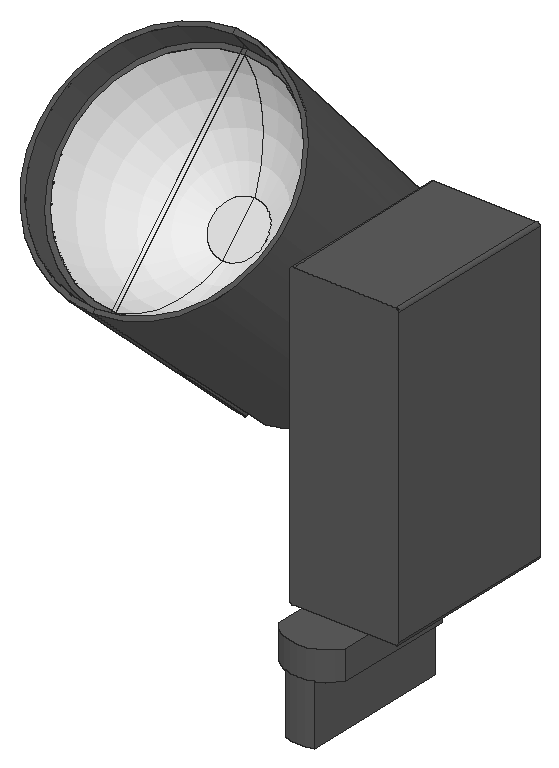
Revit family "0004954 Feilo Sylvania Lighting Fixture START TRACK SPOT L DALI 4824LM 940 WB BLK", category Lighting Fixtures, host Face, Revit 2017 (continued)
Definition of nested family "Start Track Spot Head"
  Types (96, lengths in mm): name | Wattage | built-in parameter 1150134 | Photometric Web File | Model | built-in parameter 1150105 | Lumens | built-in parameter 1150107 | built-in parameter 1150106 | HeadThickness_FEILO | HeadRibOffset_FEILO | HeadRibDepth_FEILO | HeadRibCutWidth_FEILO | HeadRibCutOffset_FEILO | HeadReflectorRadius_FEILO | HeadReflectorOffset_FEILO | HeadLEDRadius_FEILO | HeadHeight_FEILO | HeadDiffusorOffset_FEILO | HeadDiaOut_FEILO | HeadDiaIn_FEILO | HeadAxisFromTop_FEILO | Emit from Circle Diameter | built-in parameter 1150104 | Description | Apparent Load
    0004812 START TRACK SPOT S 14W 3K RA80 MB WHITE | 14 W | (empty or 0) | "0004812.ies" | "START TRACK SPOT S 14W 3K RA80 MB WHITE" | 120.32 (stored number, unit not read) | 1512 lm | 3000 (stored number, unit not read) | 1.2032 (stored number, unit not read) | 1.5 | 4.179 | 55.714 | 7.167 | 50.87 | 50.588 | 55.714 | 9.556 | 117 | 9.435 | 86 | 77.477 | 69.354 | 77.477 | 10.034 (stored number, unit not read) | "Integrated LED spotlight, Textured White - RAL9016, compact and minimalist design, ideal for retail applications, die-cast aluminium body, passive cooling heatsink. Beam angle: 36°, color temperature: 3000K , total system power: 14W, total fixture output: 1508 lm, LOR: 100%, colour rendering: Ra: 80 typical, LED Chromaticity: 3 step MacAdam ellipse, lifetime: >50000 hours at L70B50, energy class: A++, A+, A, IR/UV free light source without heat radiation, operating voltage: 220-240V / 50-60Hz, drive current: 350mA, electronic driver, non-dimmable, power factor: 0.92, electrical protection: Class II, Global Track 3 Phase adapter suitable for Global trac 3-circuit tracks, ingress protection rating: IP20, suitable for internal environment only, horizontal rotation: 355°, vertical tilt: 90°, dimensions: Ø86x140x200, weight: 0.940kg." | 14 VA
    0004811 START TRACK SPOT S 14W 3K RA80 NB WHITE | 14 W | (empty or 0) | "0004811.ies" | "START TRACK SPOT S 14W 3K RA80 NB WHITE" | 123.66 (stored number, unit not read) | 1554 lm | 3000 (stored number, unit not read) | 1.2366 (stored number, unit not read) | 1.5 | 4.179 | 55.714 | 7.167 | 50.87 | 50.588 | 55.714 | 9.556 | 117 | 9.435 | 86 | 77.477 | 69.354 | 77.477 | 10.312 (stored number, unit not read) | "Integrated LED spotlight, Textured White - RAL9016, compact and minimalist design, ideal for retail applications, die-cast aluminium body, passive cooling heatsink. Beam angle: 12°, color temperature: 3000K , total system power: 14W, total fixture output: 1551 lm, LOR: 100%, colour rendering: Ra: 80 typical, LED Chromaticity: 3 step MacAdam ellipse, lifetime: >50000 hours at L70B50, energy class: A++, A+, A, IR/UV free light source without heat radiation, operating voltage: 220-240V / 50-60Hz, drive current: 350mA, electronic driver, non-dimmable, power factor: 0.92, electrical protection: Class II, Global Track 3 Phase adapter suitable for Global trac 3-circuit tracks, ingress protection rating: IP20, suitable for internal environment only, horizontal rotation: 355°, vertical tilt: 90°, dimensions: Ø86x140x200, weight: 0.940kg." | 14 VA
  Reference planes
    plane 1 "Center (Front/Back)": y = 0
    plane 2: z = 0
    plane 3 "Center (Left/Right)": x = 0
    plane 4: x = 43
    plane 5: x = -43
    plane 6: x = -38.739
    plane 7: x = 38.739
    plane 8: z = 69.354
    plane 9: z = -47.646
    plane 10: x = -41.5
    plane 11: x = -37.239
    plane 12: z = -38.211
    plane 13: z = -35.211
    plane 14: z = 8.068
    plane 15: x = -9.556
    plane 16: x = -28.667
    plane 17: x = -19.111
    plane 18: x = -27.167
    plane 19: x = -17.611
    plane 20: x = -8.056
    plane 21: z = 13.64
    plane 22: x = -29.667
    plane 23: x = -26.167
    plane 24: x = -20.111
    plane 25: x = -16.611
    plane 26: x = -10.556
    plane 27: x = -7.056
    plane 28: x = -36.239
    plane 29: x = -40.5
    plane 30: z = 65.175
    plane 31: z = 60.997
    plane 32: z = 56.818
    plane 33: z = 18.484
    plane 34: y = -43
    plane 35: y = 43
    plane 36: y = 3.583
    plane 37: y = -3.583
    plane 38: y = -2.583
    plane 39: y = 2.583
    plane 40: y = 46
    plane 41: z = 13.5
    plane 42: z = -13.5
    plane 43: y = 39
    plane 44: x = 4.708
    plane 45: x = -2.458
    plane 46: x = -1.458
    plane 47: x = 1.458
  Forms (mm)
    Extrusion 1, solid
      sketch origin (4.2, 0, 0) x (1, 0, 0) y (0, 1, 0)
        loop
          line (-1219.2, 1219.2) -> (-1219.2, -1219.2) -> (1219.2, -1219.2) -> (1219.2, 1219.2) -> (-1219.2, 1219.2)
      from 0 to -68.017
    Revolve 2, solid, material <- "Material_1_FEILO", detail levels medium+fine
      sketch origin (0, 0, 0) x (1, 0, 0) y (0, 0, 1)
        loop
          line (-43, -47.646) -> (-41.5, -47.646) -> (-40.5, -35.211) -> (-38.739, -35.211)
          arc (-38.739, -35.211) -> (-30.16, -9.517) -> (-9.556, 8.068) r 50.588
          line (-9.556, 8.068) -> (0, 8.068) -> (0, 13.64) -> (-16.611, 13.64) -> (-17.611, 60.997) -> (-19.111, 60.997) -> (-20.111, 13.64) -> (-36.239, 13.64) -> (-37.239, 69.354) -> (-38.739, 69.354) -> (-43, -47.646)
        axis (0, 69.354) -> (0, -47.646)
      angle from 360 to 0
    Extrusion 3, void
      sketch origin (0, 0, 0) x (0, 1, 0) y (0, 0, 1)
        loop
          line (-3.583, 69.354) -> (-2.583, 18.484) -> (1.932, 18.484) -> (2.932, 69.354) -> (-3.583, 69.354)
      from 43 to -43
    Revolve 4, solid, material <- "Material_2_FEILO", detail levels medium+fine
      sketch origin (0, 0, 0) x (1, 0, 0) y (0, 0, 1)
        loop
          line (-41.5, -38.211) -> (0, -38.211) -> (0, -35.211) -> (-41.5, -35.211) -> (-41.5, -38.211)
        axis (0, -35.211) -> (0, -38.211)
      angle from 360 to 0
    Revolve 5, solid, material <- "Material_1_FEILO"
      sketch origin (0, 0, 0) x (0, 1, 0) y (0, 0, 1)
        loop
          line (46, 0) -> (39, 0) -> (39, -13.5) -> (46, -13.5) -> (46, 0)
        axis (39, 0) -> (46, 0)
      angle from 360 to 0
    Revolve 6, solid, material <- "Material_1_FEILO", detail levels medium+fine
      sketch origin (0, 0, 0) x (1, 0, 0) y (0, 0, 1)
        loop
          line (-29.667, 13.64) -> (-26.167, 13.64) -> (-27.167, 65.175) -> (-28.667, 65.175) -> (-29.667, 13.64)
        loop
          line (-10.556, 13.64) -> (-7.056, 13.64) -> (-7.833, 56.818) -> (-9.778, 56.818) -> (-10.556, 13.64)
        axis (0, 65.175) -> (0, 13.64)
      angle from 360 to 0
    Extrusion 7, void
      sketch origin (0, 0, 0) x (1, 0, 0) y (0, 0, 1)
        loop
          line (4.708, 69.354) -> (-2.458, 69.354) -> (-1.458, 13.64) -> (1.458, 13.64) -> (4.708, 69.354)
      from -43 to 43
    Revolve 8, solid, material <- "Material_1_FEILO", detail levels coarse
      sketch origin (0, 0, 0) x (1, 0, 0) y (0, 0, 1)
        loop
          line (0, 69.354) -> (-38.739, 69.354) -> (-43, -47.646) -> (-41.5, -47.646) -> (-40.731, -38.211) -> (0, -38.211) -> (0, 69.354)
        axis (0, 69.354) -> (0, -47.646)
      angle from 360 to 0
  Cuts and joins
    Extrusion 3 cuts Revolve 2
    Extrusion 7 cuts Revolve 6
  Dimensions and locks
    equal spacing: plane 7, plane 3 "Center (Left/Right)", plane 6
    equal spacing: plane 4, plane 3 "Center (Left/Right)", plane 5
    "HeadDiaOut_FEILO": plane 4 to plane 5
    "HeadDiaIn_FEILO": plane 7 to plane 6
    "HeadHeight_FEILO": plane 8 to plane 9
    "HeadThickness_FEILO": plane 10 to plane 5
    "HeadThickness_FEILO": plane 11 to plane 6
    "HeadDiffusorOffset_FEILO": plane 12 to plane 9
    "HeadDiffusorThickness_FEILO": plane 13 to plane 12
    "HeadReflectorOffset_FEILO": plane 14 to plane 9
    "HeadLEDRadius_FEILO": plane 3 "Center (Left/Right)" to plane 15
    "HeadLEDRadius_FEILO": plane 15 to plane 17
    "HeadLEDRadius_FEILO": plane 17 to plane 16
    "HeadThickness_FEILO": plane 18 to plane 16
    "HeadThickness_FEILO": plane 19 to plane 17
    "HeadThickness_FEILO": plane 20 to plane 15
    "HeadRibDepth_FEILO": plane 8 to plane 21
    "HeadDraft_FEILO": plane 16 to plane 22
    "HeadDraft_FEILO": plane 23 to plane 18
    "HeadDraft_FEILO": plane 17 to plane 24
    "HeadDraft_FEILO": plane 25 to plane 19
    "HeadDraft_FEILO": plane 15 to plane 26
    "HeadDraft_FEILO": plane 27 to plane 20
    "HeadDraft_FEILO": plane 29 to plane 10
    "HeadDraft_FEILO": plane 28 to plane 11
    "HeadRibOffset_FEILO": plane 8 to plane 30
    "HeadRibOffset_FEILO": plane 30 to plane 31
    "HeadRibOffset_FEILO": plane 31 to plane 32
    "HeadAxisFromTop_FEILO": plane 8 to plane 2
    "HeadRibCutOffset_FEILO": plane 8 to plane 33
    equal spacing: plane 34, plane 1 "Center (Front/Back)", plane 35
    "HeadDiaOut_FEILO": plane 34 to plane 35
    equal spacing: plane 38, plane 1 "Center (Front/Back)", plane 39
    equal spacing: plane 37, plane 1 "Center (Front/Back)", plane 36
    "HeadRibCutWidth_FEILO": plane 37 to plane 36
    "HeadDraft_FEILO": plane 37 to plane 38
    locked: plane 35 to plane 40 at 3
    equal spacing: plane 41, plane 2, plane 42
    locked: plane 42 to plane 41 at 27
    locked: plane 43 to plane 35 at 4
    equal spacing: plane 45, imposter light, plane 44
    "HeadDraft_FEILO": plane 46 to plane 45
    "HeadRibCutWidth_FEILO": plane 44 to plane 45
    equal spacing: plane 47, plane 3 "Center (Left/Right)", plane 46
    "HeadReflectorRadius_FEILO": radius of Revolve 2 sketch curve
    aligned and locked: plane 2 to Extrusion 1
    aligned and locked: level to Extrusion 1
    aligned and locked: Revolve 2 sketch curve to plane 3 "Center (Left/Right)"  (x2)
    aligned and locked: plane 9 to Revolve 2 sketch curve  (x2)
    aligned and locked: plane 5 to Revolve 2 sketch curve
    aligned and locked: plane 10 to Revolve 2 sketch curve
    aligned and locked: plane 14 to Revolve 2 sketch curve
    aligned and locked: plane 8 to Revolve 2 sketch curve
    aligned and locked: Revolve 2 sketch curve to plane 13
    aligned and locked: plane 12 to Revolve 4 sketch curve
    aligned and locked: plane 3 "Center (Left/Right)" to Revolve 4 sketch curve
    aligned and locked: Revolve 4 sketch curve to plane 10
    aligned and locked: Revolve 4 sketch curve to plane 3 "Center (Left/Right)"
    aligned and locked: plane 12 to imposter light
    aligned and locked: imposter light to plane 1 "Center (Front/Back)"
    aligned and locked: Revolve 5 sketch curve to plane 2
    aligned and locked: plane 43 to Revolve 5 sketch curve
    aligned and locked: plane 42 to Revolve 5 sketch curve
    aligned and locked: Revolve 6 sketch curve to plane 3 "Center (Left/Right)"
    aligned and locked: plane 22 to Revolve 6 sketch curve
    aligned and locked: plane 30 to Revolve 6 sketch curve
    aligned and locked: plane 23 to Revolve 6 sketch curve
    aligned and locked: Revolve 6 sketch curve to plane 21  (x2)
    aligned and locked: plane 21 to Revolve 6 sketch curve
    aligned and locked: plane 17 to Revolve 2 sketch curve
    aligned and locked: plane 19 to Revolve 2 sketch curve
    aligned and locked: plane 31 to Revolve 2 sketch curve
    aligned and locked: plane 21 to Revolve 2 sketch curve
    aligned and locked: Extrusion 3 to plane 8
    aligned and locked: plane 33 to Extrusion 3
    aligned and locked: plane 8 to Extrusion 3 sketch curve
    aligned and locked: Extrusion 3 sketch curve to plane 33
    aligned and locked: Extrusion 3 to plane 5
    aligned and locked: plane 4 to Extrusion 3
    aligned and locked: plane 32 to Revolve 6 sketch curve
    aligned and locked: plane 44 to Extrusion 7 sketch curve
    aligned and locked: Extrusion 7 sketch curve to plane 8
    aligned and locked: plane 46 to Extrusion 7 sketch curve
    aligned and locked: plane 21 to Extrusion 7 sketch curve
    aligned and locked: plane 34 to Extrusion 7
    aligned and locked: Extrusion 7 to plane 35
    aligned and locked: Revolve 4 sketch curve to plane 13
    aligned and locked: Revolve 5 sketch curve to plane 40
    aligned and locked: Revolve 8 sketch curve to plane 3 "Center (Left/Right)"
    aligned and locked: Revolve 8 sketch curve to cut or joined group of Revolve 2, Extrusion 3  (x3)
    aligned and locked: plane 5 to Revolve 8 sketch curve
    aligned and locked: plane 3 "Center (Left/Right)" to Revolve 8 sketch curve
    aligned and locked: plane 12 to Revolve 8 sketch curve
  Automatic sketch dimensions
    Extrusion 1 sketch curve to Extrusion 1 sketch curve = 2438.4 mm  (x2)
    Extrusion 3 sketch curve to plane 37 = 0 mm
    Extrusion 3 sketch curve to plane 38 = 0 mm
    plane 39 to Extrusion 3 sketch curve = 0.651 mm
    Extrusion 3 sketch curve to plane 39 = 0.349 mm
    Revolve 6 sketch curve to plane 16 = 0 mm
    Revolve 6 sketch curve to plane 18 = 0 mm
    Revolve 6 sketch curve to plane 26 = 0 mm
    Revolve 6 sketch curve to plane 27 = 0 mm
    Revolve 6 sketch curve to plane 15 = 0.222 mm
    plane 9 to Revolve 6 sketch curve = 559.103 mm
    Revolve 6 sketch curve to plane 8 = 2535.555 mm
    plane 20 to Revolve 6 sketch curve = 0.222 mm
    Revolve 2 sketch curve to plane 29 = 0 mm
    Revolve 2 sketch curve to plane 6 = 0 mm  (x2)
    Revolve 2 sketch curve to plane 11 = 0 mm
    Revolve 2 sketch curve to plane 21 = 0 mm
    Revolve 2 sketch curve to plane 28 = 0 mm
    Revolve 2 sketch curve to plane 24 = 0 mm
    Revolve 2 sketch curve to plane 25 = 0 mm
    Revolve 2 sketch curve to plane 15 = 0 mm
    Revolve 2 sketch curve to Revolve 2 sketch curve = 557.155 mm
    Revolve 2 sketch curve to plane 8 = 2535.558 mm
    Extrusion 7 sketch curve to plane 45 = 0 mm
    Extrusion 7 sketch curve to plane 47 = 0 mm
    plane 9 to Revolve 4 sketch curve = 559.103 mm
    Revolve 4 sketch curve to plane 8 = 2535.555 mm
    Revolve 5 sketch curve to level = 0 mm
    plane 34 to Revolve 5 sketch curve = 1968.092 mm
    Revolve 5 sketch curve to plane 40 = 1405.763 mm
    Revolve 8 sketch curve to plane 6 = 0 mm
    Revolve 8 sketch curve to plane 29 = 0.231 mm
    plane 9 to Revolve 8 sketch curve = 559.103 mm
    Revolve 8 sketch curve to Revolve 8 sketch curve = 2535.555 mm
Definition of nested family "Start Track Spot Box"
  Parameters (values of type "Type Large White")
    URL = "http://www.feilosylvania.com"
    Type Image = (empty or 0)
    Type Comments = "n/a"
    Small_FEILO = no
    Material_3_FEILO = none
    Model = ""
    Manufacturer = "Feilo Sylvania"
    Keynote = ""
    Material_2_FEILO = none
    Description = ""
    Default Elevation = 1219.2 mm
    Cost = 0
    Material_1_FEILO = none
    BoxWidth_FEILO = 49 mm
    BoxStartAngle_FEILO [instance] = 0.00°
    BoxRadius_FEILO = 1.5 mm
    BoxHeight_FEILO = if(Small_FEILO, 112 mm, 136 mm)  # 136 mm
    BoxEndAngle_FEILO [instance] = BoxStartAngle_FEILO - 180.00°  # -180.00°
    BoxDepth_FEILO = if(Small_FEILO, 71.5 mm, 79 mm)  # 79 mm
    BoxAxisVerticalOffset_FEILO = 16 mm
    BoxAxisOffset_FEILO = BoxHeight_FEILO / 6.8  # 20 mm
    Assembly Code = ""
    Material_4_FEILO = none
  Types (4, lengths in mm): name | Small_FEILO | BoxHeight_FEILO | BoxDepth_FEILO | BoxAxisOffset_FEILO
    Type Large White | no | 136 | 79 | 20
    Type Small White | yes | 112 | 71.5 | 16.471
    Type Small Black | yes | 112 | 71.5 | 16.471
    Type Large Black | no | 136 | 79 | 20
  Reference planes
    plane 1 "Center (Front/Back)": y = 0
    plane 2: z = 0
    plane 3 "Center (Left/Right)": x = 0
    plane 4: x = 24.5
    plane 5: x = -24.5
    plane 6: y = 68
    plane 7: y = -68
    plane 8: z = 39.5
    plane 9: z = -39.5
    plane 10: y = -48
    plane 11: x = 30.5
    plane 12: x = 8.5
    plane 13: x = 21.5
    plane 14: y = 70
    plane 15: y = 72
    plane 16: x = 19.5
  Forms (mm)
    Extrusion 1, solid
      sketch origin (4.2, 0, 0) x (1, 0, 0) y (0, 1, 0)
        loop
          line (-1219.2, 1219.2) -> (-1219.2, -1219.2) -> (1219.2, -1219.2) -> (1219.2, 1219.2) -> (-1219.2, 1219.2)
      from 0 to -68.017
    Extrusion 2, solid, material <- "Material_1_FEILO"
      sketch origin (0, 0, 0) x (1, 0, 0) y (0, 1, 0)
        loop
          arc (-23, 68) -> (-24.061, 67.561) -> (-24.5, 66.5) r 1.5
          line (-24.5, 66.5) -> (-24.5, -66.5)
          arc (-24.5, -66.5) -> (-24.061, -67.561) -> (-23, -68) r 1.5
          line (-23, -68) -> (23, -68)
          arc (23, -68) -> (24.061, -67.561) -> (24.5, -66.5) r 1.5
          line (24.5, -66.5) -> (24.5, 66.5)
          arc (24.5, 66.5) -> (24.061, 67.561) -> (23, 68) r 1.5
          line (23, 68) -> (-23, 68)
      from -39.5 to 39.5
    Revolve 3, solid, not visible
      sketch origin (0, 0, 0) x (1, 0, 0) y (0, 1, 0)
        loop
          line (30.5, -48) -> (24.5, -48) -> (24.5, -68) -> (30.5, -68) -> (30.5, -48)
        axis (30.5, -48) -> (24.5, -48)
      angle from 0 <- "BoxStartAngle_FEILO" to -180 <- "BoxEndAngle_FEILO"
    Revolve 4, solid, material <- "Material_2_FEILO"
      sketch origin (0, 0, 0) x (1, 0, 0) y (0, 1, 0)
        loop
          line (8.5, 68) -> (19.5, 68) -> (19.5, 70) -> (21.5, 70) -> (21.5, 72) -> (8.5, 72) -> (8.5, 68)
        axis (8.5, 72) -> (8.5, 68)
      angle from 360 to 0
  Dimensions and locks
    equal spacing: plane 5, plane 3 "Center (Left/Right)", plane 4
    "BoxWidth_FEILO": plane 5 to plane 4
    equal spacing: plane 7, plane 1 "Center (Front/Back)", plane 6
    "BoxHeight_FEILO": plane 7 to plane 6
    equal spacing: plane 8, plane 2, plane 9
    "BoxDepth_FEILO": plane 8 to plane 9
    "BoxAxisOffset_FEILO": plane 7 to plane 10
    locked: plane 4 to plane 11 at 6
    "BoxAxisVerticalOffset_FEILO": plane 12 to plane 4
    locked: plane 12 to plane 13 at 13
    plane 6 to plane 14 to plane 15 = 2 mm locked, 2 mm locked
    locked: plane 12 to plane 16 at 11
    "BoxRadius_FEILO": radius of Extrusion 2 sketch curve  (x4)
    aligned and locked: plane 2 to Extrusion 1
    aligned and locked: level to Extrusion 1
    aligned and locked: plane 6 to Extrusion 2 sketch curve
    aligned and locked: plane 5 to Extrusion 2 sketch curve
    aligned and locked: Extrusion 2 sketch curve to plane 7
    aligned and locked: Extrusion 2 sketch curve to plane 4
    aligned and locked: Extrusion 2 to plane 8
    aligned and locked: plane 9 to Extrusion 2
    aligned and locked: Revolve 3 sketch curve to plane 10  (x2)
    aligned and locked: plane 11 to Revolve 3 sketch curve
    aligned and locked: Revolve 3 sketch curve to plane 4
    aligned and locked: plane 7 to Revolve 3 sketch curve
    aligned and locked: Revolve 4 sketch curve to plane 12
    aligned and locked: plane 6 to Revolve 4 sketch curve
    aligned and locked: plane 12 to Revolve 4 sketch curve
    aligned and locked: plane 15 to Revolve 4 sketch curve
    aligned and locked: Revolve 4 sketch curve to plane 13
    aligned and locked: Revolve 4 sketch curve to plane 14
    aligned and locked: Revolve 4 sketch curve to plane 16
    aligned and locked: Revolve 4 sketch curve to plane 6
  Automatic sketch dimensions
    Extrusion 1 sketch curve to Extrusion 1 sketch curve = 2438.4 mm  (x2)
    Revolve 3 sketch curve to plane 5 = 1499.5 mm
    plane 11 to Revolve 3 sketch curve = 1493.5 mm
    plane 15 to Revolve 4 sketch curve = 0 mm
    plane 7 to Revolve 4 sketch curve = 1456 mm
    Revolve 4 sketch curve to plane 15 = 1452 mm
